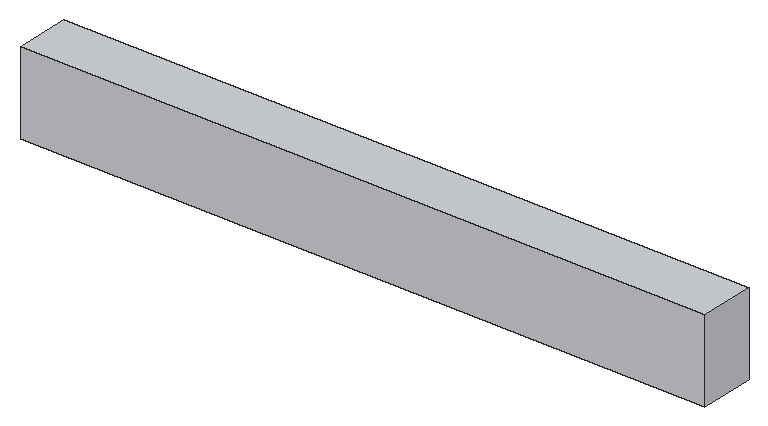
Revit family "StructuralFraming_FreeformProfile", category Structural Framing, Revit 2018
Family settings
  Structural Framing Length Roundoff = 1 mm
  Section Shape = User Defined
  Material for Model Behavior = Other
  Always export as geometry = No
  Always vertical = Yes
  Cut with Voids When Loaded = No
  Symbolic Representation = From Family
  Shared = No
  Show family pre-cut in plan views = Yes
Parameters (values of type "FreeformProfile")
  Structural Material [instance] = none
  Length [instance] = 3000 mm
Reference planes
  plane 1 "Center (Front/Back)": y = 0
  plane 2 "Center Elevation": z = 0
  plane 3 "Center (Left/Right)": x = 0
  plane 4 "Left": x = -1500
  plane 5 "Member Left": x = -1250
  plane 6 "Stick Symbol Left": x = -1000
  plane 7 "Right": x = 1500
  plane 8 "Member Right": x = 1250
  plane 9 "Stick Symbol Right": x = 1000
  plane 10: y = 100
  plane 11: y = -100
  plane 12: z = 150
  plane 13: z = -150
Forms (mm)
  Extrusion 1, solid, material <- "Structural Material", detail levels medium+fine
    sketch origin (0, 0, 0) x (0, 1, 0) y (0, 0, 1)
      loop
        line (100, 150) -> (-100, 150) -> (-100, -150) -> (100, -150) -> (100, 150)
    from -1250 to 1250
Lines and regions (mm)
  model lines, style "Stick Symbols", detail levels coarse
    curve 1: line (-1000, 0, 0) -> (1000, 0, 0)
Dimensions and locks
  "Length": plane 4 "Left" to plane 7 "Right"
  aligned and locked: plane 10 to Extrusion 1 sketch curve
  aligned and locked: plane 13 to Extrusion 1 sketch curve
  aligned and locked: Extrusion 1 sketch curve to plane 11
  aligned and locked: plane 5 "Member Left" to Extrusion 1
  aligned and locked: Extrusion 1 to plane 8 "Member Right"
  aligned and locked: plane 1 "Center (Front/Back)" to curve 1
  aligned and locked: plane 6 "Stick Symbol Left" to curve 1
  aligned and locked: plane 9 "Stick Symbol Right" to curve 1
  aligned and locked: level to plane 2 "Center Elevation"
Automatic sketch dimensions
  Extrusion 1 sketch curve to plane 12 = 0 mm
